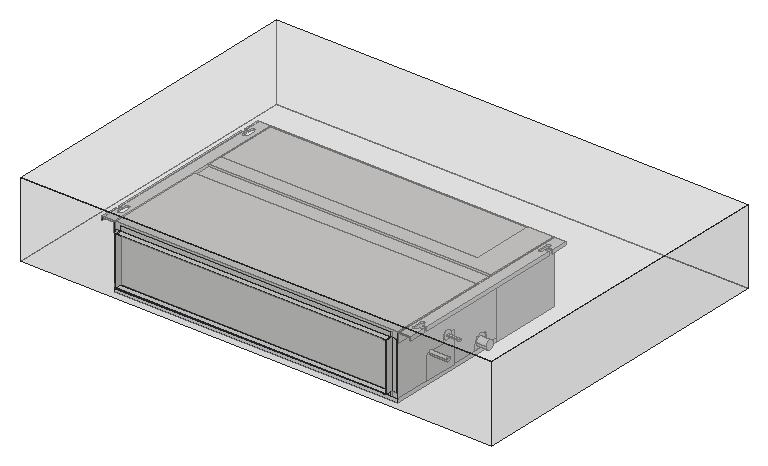
Revit family "outputfile", category 機械設備, Revit 2024
Family settings
  丸型コネクタ寸法 = 半径を使用
  パーツ タイプ = 標準
  OmniClass 番号 = 23.75.10.24.21.27.27
  OmniClass タイトル = Split System Air Conditioning Units
  作業面ベース = いいえ
  常に垂直 = はい
  ロード時にボイドで切り取り = いいえ
  注釈の向きを維持 = いいえ
  共有 = いいえ
  部屋計算ポイント = はい
Parameters (values of type "FXDQ40NDVTS")
  Description = ""
  製造元 = "Daikin"
  書き出し IFC クラス(タイプ) = "IfcUnitaryEquipmentType"
  定義済み IFC タイプ(タイプ) = "AIRCONDITIONINGUNIT"
  Cost = 0
  モデル = "FXDQ40NDVTS"
  Type Comments = ""
  Keynote = ""
  Type Image = (empty or 0)
  Assembly Code = ""
  w_pipe = 33.0 mm
  r_Liquid Pipe Size = Liquid Pipe Size / 2  # 3.2 mm
  r_Gas Pipe Size = Gas Pipe Size / 2  # 6.35 mm
  r_Drain Pipe Size = Drain Pipe Size / 2  # 10.0 mm
  lw_powersupply = 404.0 mm
  lw_ductflange2 = 820.0 mm
  lw_Width = 860.0 mm
  lh_suctionflange [instance] = if(Rear Connection_Return Air, 100.0 mm + [h***], 190.0 mm + [h***])  # 100.0 mm
  ld_suctionflange [instance] = if(Rear Connection_Return Air, 190.0 mm, 100.0 mm)  # 190.0 mm
  ld_powersupply = 60.0 mm
  angle_vertical_RA [instance] = if(Rear Connection_Return Air, 90.00°, 0.00°)  # 90.00°
  angle horizontal_RA [instance] = if(Rear Connection_Return Air, 180.00°, 270.00°)  # 180.00°
  Voltage_comment_50Hz = "220-240"
  Voltage_50Hz = 220 V
  URL = ""
  Supply Air Direction [instance] = yes
  Sound Power Level_H speed (dB) = 56
  Rear Connection_Return Air [instance] = not(Bottom Connection_Return Air)  # yes
  RA_length = 190.0 mm  # constant formula
  Phase_50Hz = 1
  Minimum External Static Pressure = 15.00 Pa
  Minimum Circuit Amps_50Hz = 1.0 A
  Maximum Fuse Amps_50Hz = 16.0 A
  Maximum External Static Pressure = 44.00 Pa
  Material_Casing = DAIKIN_GalvanizedSteel_Casing_indoorunit
  lw_liquidpipe = 46.0 mm  # constant formula
  lw_gaspipe = 57.0 mm  # constant formula
  lw_mountinghole_pitch = 940.0 mm
  lw_mountinghole = 20.0 mm  # constant formula
  lw_drainpipe = 33.0 mm  # constant formula
  lh_powersupply = 10.0 mm
  lh_liquidpipe = 110.0 mm
  lh_gaspipe = 87.0 mm
  lh_mountinghole = Height + [h***]  # 200.0 mm
  lh_drainpipe = 30.0 mm
  lh_antena = 1.0 mm  # constant formula
  ld_liquidpipe = 193.0 mm  # constant formula
  ld_gaspipe = 130.0 mm  # constant formula
  ld_mountinghole_pitch = 0.0 mm  # constant formula
  ld_drainpipe = 280.0 mm
  ld_controlbox = 626.0 mm  # constant formula
  h*** = 0.0 mm  # constant formula
  d_dischargeflange = 21.2 mm  # constant formula
  Width = 900.0 mm
  Version = "ver.1.0"
  Unit Type = "Slim Duct (Standard) Type"
  Unit Mass Weight = 27.00 kg
  Unit Designation [instance] = ""
  Uniclass2015Version = "Products v1.30"
  Uniclass2015Title = "Variable refrigerant flow units"
  Uniclass2015Code = "Pr_70_65_03_94"
  Total Heating Capacity [instance] = 0.000 kW
  Total Cooling Capacity [instance] = 0.000 kW
  Sound Pressure Level_M speed (dBA) = 0
  Sound Pressure Level_L speed (dBA) = 26
  Sound Pressure Level_H speed (dBA) = 30
  Series = "VRV Fan Coil Unit"
  Sensible Cooling Capacity [instance] = 0.000 kW
  SA Duct Size Width = 860.0 mm
  SA Duct Size Height = 153.0 mm
  Refrigerant Type = "R410A"
  RA Duct Size Width = 800.0 mm
  RA Duct Size Height = 180.0 mm
  Power Input (Heating) = 0.147 kW
  Power Input (Cooling) = 0.147 kW
  Option Accessory 3 [instance] = ""
  Option Accessory 2 [instance] = ""
  Option Accessory 1 [instance] = ""
  Nominal Heating Capacity = 5.000 kW
  Nominal Cooling Capacity = 4.500 kW
  Minimum Airflow = 510.00 m³/h
  Median Airflow = 570.00 m³/h
  Maximum Airflow = 630.00 m³/h
  Load Classification = HVAC
  Liquid Pipe Size = 6.4 mm
  Link_Nested Family [instance] = ""
  IfcVersion = "0"
  IfcExportType = "AIRCONDITIONINGUNIT"
  IfcExportAs = "IfcUnitaryEquipmentType"
  Height = 200.0 mm
  Heating Entering Wet Bulb Temperature [instance] = 0.00 °C
  Heating Entering Dry Bulb Temperature [instance] = 0.00 °C
  Heating Ambient Wet Bulb Temperature [instance] = 0.00 °C
  Heating Ambient Dry Bulb Temperature [instance] = 0.00 °C
  Heat Exchanger Type = "Cross Fin Coil"
  Gas Pipe Size = 12.7 mm
  Frequency_50Hz = 50 Hz
  Fan Type = "Sirocco Fan"
  Fan Drive = "Direct Drive"
  FCU Tag No. [instance] = ""
  Drain Pipe Size = 20.0 mm
  Design Supply Airflow [instance] = 0.00 m³/h
  Design Return Airflow [instance] = 0.00 m³/h
  Design External Static Pressure [instance] = 0.00 Pa
  Depth = 620.0 mm
  既定の高さ = 0.0 mm
  Cooling Entering Wet Bulb Temperature [instance] = 0.00 °C
  Cooling Entering Dry Bulb Temperature [instance] = 0.00 °C
  Cooling Ambient Wet Bulb Temperature [instance] = 0.00 °C
  Cooling Ambient Dry Bulb Temperature [instance] = 0.00 °C
  Clearance visibility [instance] = yes
  Clearance Top = 20.0 mm
  Clearance Right = 300.0 mm
  Clearance Rear = 400.0 mm
  Clearance Left = 300.0 mm
  Clearance Front = 0.0 mm
  Clearance Bottom = 20.0 mm
  Bottom Connection_Return Air [instance] = no
Reference planes
  plane 1 "Center (Front/Back)": y = 0
  plane 2: z = 0
  plane 3 "Center (Left/Right)": x = 0
  plane 4 "Back": y = 310
  plane 5 "Front": y = -310
  plane 6 "Left": x = -450
  plane 7 "Right": x = 450
  plane 8 "Top": z = 0
  plane 9 "Bottom": z = -200
  plane 10: x = 330
  plane 11: x = -330
  plane 12: z = -190
  plane 13: z = -6
  plane 14: z = -22
  plane 15: z = -90
  plane 16: z = -113
  plane 17: x = -304
  plane 18: x = 304
  plane 19: x = -470
  plane 20: x = 470
  plane 21: y = 250
  plane 22: y = 250
  plane 23: x = -490
  plane 24: x = 390
  plane 25: x = 496
  plane 26: x = 507
  plane 27: x = 483
  plane 28: z = 0
  plane 29: z = -170
  plane 30 "Clearance Left": x = -750
  plane 31 "Clearance Right": x = 750
  plane 32 "Clearance Rear": y = 710
  plane 33 "Clearance Front": y = -310
  plane 34 "Clearance Top": z = 20
  plane 35 "Clearance Bottom": z = -220
  plane 36: z = -21
  plane 37: z = -170
  plane 38: z = -96.5
  plane 39: x = -40
  plane 40: y = -180
  plane 41: y = -117
  plane 42: y = -30
  plane 43: y = 20
  plane 44: z = -97.5
  plane 45: y = -309
  plane 46: x = -449
  plane 47: z = -100
  plane 48: z = -30
  plane 49: y = 210
  plane 50: z = 301
  plane 51: z = -199
  plane 52: y = 120
  plane 53: z = -101
  plane 54: x = 480
  plane 55: x = 445
  plane 56: x = 455
  plane 57: x = 451
  plane 58: x = 369
  plane 59: x = 449.004
  plane 60: x = -449
  plane 61: x = 404
  plane 62: z = -189
  plane 63: z = 102.5
Forms (mm)
  Extrusion 1, solid
    sketch origin (0, 0, 0) x (1, 0, 0) y (0, 0, 1)
      loop
        line (-450, -190) -> (-450, -200) -> (450, -200) -> (450, -190) -> (-450, -190)
    from -84 to 310
  Extrusion 2, solid, material "DAIKIN_GalvanizedSteel_Casing_indoorunit" <- "Material_Casing"
    sketch origin (0, 0, 0) x (1, 0, 0) y (0, 1, 0)
      loop
        line (-450, -309) -> (450, -309) -> (450, 310) -> (-450, 310) -> (-450, -309)
    from -200 to 0
  Extrusion 3, void
    sketch origin (0, 0, 1) x (1, 0, 0) y (0, 1, 0)
      loop
        line (-450, 62.179) -> (-450, 4.179) -> (450, 4.179) -> (450, 62.179) -> (-450, 62.179)
    from -1 to -7
  Extrusion 4, void
    sketch origin (0, 0, 0) x (0, 1, 0) y (0, 0, 1)
      loop
        line (-5, -190) -> (45, -190) -> (45, -170)
        arc (45, -170) -> (20, -145) -> (-5, -170) r 25
        line (-5, -170) -> (-5, -190)
    from 450 to 445
  Revolve 5, solid, material "DAIKIN_GalvanizedSteel_Casing_indoorunit" <- "Material_Casing"
    sketch origin (0, 0, -113) x (0, -1, 0) y (1, 0, 0)
      loop
        line (173.65, 451) -> (180, 451) -> (180, 507) -> (173.65, 507) -> (173.65, 451)
      axis (180, 451) -> (180, 507)
    angle from 0 to 360
  Revolve 6, solid, material "DAIKIN_GalvanizedSteel_Casing_indoorunit" <- "Material_Casing"
    sketch origin (0, 0, -90) x (0, -1, 0) y (1, 0, 0)
      loop
        line (117, 451) -> (117, 496) -> (113.8, 496) -> (113.8, 451) -> (117, 451)
      axis (117, 496) -> (117, 451)
    angle from 0 to 360
  Extrusion 7, solid, material "DAIKIN_GalvanizedSteel_Casing_indoorunit" <- "Material_Casing"
    sketch origin (0, 0, 0) x (0, 1, 0) y (0, 0, 1)
      loop
        circle (-116, -90) r 12.7
    from 450 to 455
  Extrusion 8, solid, material "DAIKIN_GalvanizedSteel_Casing_indoorunit" <- "Material_Casing"
    sketch origin (0, 0, 0) x (0, 1, 0) y (0, 0, 1)
      loop
        circle (20, -170) r 13
    from 480 to 445
  Extrusion 9, solid, material "DAIKIN_GalvanizedSteel_Casing_indoorunit" <- "Material_Casing"
    sketch origin (0, 0, 0) x (1, 0, 0) y (0, 0, 1)
      loop
        line (-450, -190) -> (-450, -200) -> (450, -200) -> (450, -190) -> (-450, -190)
    from -84 to 310
  Extrusion 10, solid, material "DAIKIN_GalvanizedSteel_Casing_indoorunit" <- "Material_Casing", visible <- "Bottom Connection_Return Air"
    sketch origin (0, 0, 0) x (1, 0, 0) y (0, 0, 1)
      loop
        line (369, -200) -> (369, -1) -> (-449, -1) -> (-449, -200) -> (369, -200)
    from -310 to -309
  Extrusion 11, void
    sketch origin (0, 0, 0) x (1, 0, 0) y (0, 0, 1)
      loop
        line (369, 0) -> (-449, 0) -> (-449, -1) -> (369, -1) -> (369, 0)
    from -310 to -111
  Extrusion 12, solid, material "DAIKIN_GalvanizedSteel_Casing_indoorunit" <- "Material_Casing", visible <- "Rear Connection_Return Air"
    sketch origin (0, 0, 0) x (1, 0, 0) y (0, 1, 0)
      loop
        line (-449, 310) -> (-449, 111) -> (369, 111) -> (369, 310) -> (-449, 310)
    from -200 to -199
  Extrusion 13, solid, material "DAIKIN_GalvanizedSteel_Casing_indoorunit" <- "Material_Casing"
    sketch origin (0, 0, 0) x (0, 1, 0) y (0, 0, 1)
      loop
        line (-194, -113) -> (-194, -190) -> (-88.3, -190) -> (-88.3, -90) -> (-103.3, -90)
        arc (-103.3, -90) -> (-116, -102.7) -> (-128.7, -90) r 12.7
        line (-128.7, -90) -> (-128.7, -113) -> (-173.65, -113)
        arc (-173.65, -113) -> (-180, -119.35) -> (-186.35, -113) r 6.35
        line (-186.35, -113) -> (-194, -113)
    from 451 to 450
  Extrusion 14, solid, material "DAIKIN_GalvanizedSteel_Casing_indoorunit" <- "Material_Casing"
    sketch origin (0, 0, 0) x (0, 1, 0) y (0, 0, 1)
      loop
        line (84, -199) -> (310, -199) -> (310, -22) -> (91, -22) -> (84, -29) -> (84, -199)
    from 451 to 450
Cuts and joins
  Extrusion 3, Extrusion 4, Extrusion 11 cuts Extrusion 2
  Extrusion 4 cuts Extrusion 1
  Extrusion 11 cuts Extrusion 9
Dimensions and locks
  "lh_powersupply": plane 12 to plane 9 "Bottom"
  locked: plane 8 "Top" to plane 13 at 6
  "Height": plane 8 "Top" to plane 9 "Bottom"
  equal spacing: plane 17, plane 3 "Center (Left/Right)", plane 18, locked at 304 each
  locked: plane 17 to plane 18 at 608
  equal spacing: plane 19, plane 3 "Center (Left/Right)", plane 20
  "lw_mountinghole_pitch": plane 19 to plane 20
  locked: plane 14 to plane 9 "Bottom" at 178
  "lw_mountinghole": plane 23 to plane 19
  "lh_liquidpipe": plane 15 to plane 9 "Bottom"
  "lh_gaspipe": plane 16 to plane 9 "Bottom"
  "lh_mountinghole": plane 28 to plane 9 "Bottom"
  "ld_mountinghole_pitch": plane 22 to plane 21
  equal spacing: plane 6 "Left", plane 3 "Center (Left/Right)", plane 7 "Right"
  "Width": plane 6 "Left" to plane 7 "Right"
  "lh_drainpipe": plane 29 to plane 9 "Bottom"
  "Clearance Right": plane 7 "Right" to plane 31 "Clearance Right"
  "Clearance Left": plane 30 "Clearance Left" to plane 6 "Left"
  "lw_gaspipe": plane 7 "Right" to plane 26
  "lw_liquidpipe": plane 7 "Right" to plane 25
  "lw_drainpipe": plane 7 "Right" to plane 27
  "Clearance Rear": plane 32 "Clearance Rear" to plane 4 "Back"
  "Clearance Front": plane 5 "Front" to plane 33 "Clearance Front"
  "Clearance Top": plane 34 "Clearance Top" to plane 8 "Top"
  "Clearance Bottom": plane 9 "Bottom" to plane 35 "Clearance Bottom"
  "ld_powersupply": plane 4 "Back" to plane 22
  locked: plane 8 "Top" to plane 36 at 21
  locked: plane 8 "Top" to plane 37 at 170
  locked: plane 40 to plane 41 at 63
  locked: plane 38 to plane 9 "Bottom" at 103.5
  locked: plane 36 to plane 44 at 76.5
  "Depth": plane 4 "Back" to plane 5 "Front"
  equal spacing: plane 4 "Back", plane 1 "Center (Front/Back)", plane 5 "Front"
  locked: plane 45 to plane 5 "Front" at 1
  locked: plane 46 to plane 6 "Left" at 1
  Extrusion 10 sketch curve to Extrusion 10 sketch curve = 199.0 mm
  locked: plane 12 to plane 47 at 90
  plane 32 "Clearance Rear" to Extrusion 10 = 401.0 mm
  locked: plane 48 to plane 35 "Clearance Bottom" at 190
  plane 50 to plane 28 = 301.0 mm
  locked: plane 51 to plane 9 "Bottom" at 1
  "ld_suctionflange": plane 4 "Back" to plane 52
  locked: plane 53 to plane 9 "Bottom" at 99
  locked: plane 7 "Right" to plane 54 at 30
  locked: plane 55 to plane 7 "Right" at 5
  locked: plane 7 "Right" to plane 56 at 5
  locked: plane 7 "Right" to plane 57 at 1
  plane 7 "Right" to plane 58 = 81.0 mm
  locked: plane 7 "Right" to plane 59 at 0.996
  locked: plane 60 to plane 6 "Left" at 1
  "lw_powersupply": plane 3 "Center (Left/Right)" to plane 61
  "r_Gas Pipe Size": nested 6 to Revolve 5 sketch curve
  "r_Liquid Pipe Size": nested 5 to Revolve 6 sketch curve
  locked: plane 62 to plane 9 "Bottom" at 11
  aligned and locked: level to plane 2
  aligned and locked: Extrusion 2 to plane 9 "Bottom"
  aligned and locked: plane 8 "Top" to Extrusion 2
  aligned and locked: Revolve 5 sketch curve to Revolve 5 sketch curve
  aligned and locked: plane 15 to Extrusion 7 sketch curve
  aligned and locked: cut or joined group of Extrusion 1, Extrusion 4 to plane 9 "Bottom"
  aligned and locked: plane 25 to nested 5
  aligned and locked: nested 5 to plane 15
  aligned and locked: nested 1 to plane 22
  aligned and locked: plane 20 to nested 2
  aligned and locked: plane 19 to nested 3
  aligned and locked: plane 22 to nested 4
  aligned and locked: nested 4 to plane 22
  aligned and locked: plane 19 to nested 4
  aligned and locked: nested 10 to plane 12
  aligned and locked: Extrusion 9 to plane 5 "Front"
  aligned and locked: Extrusion 9 to plane 9 "Bottom"
  aligned and locked: nested 6 to plane 16
  aligned and locked: plane 40 to nested 6
  aligned and locked: plane 41 to nested 5
  aligned and locked: Extrusion 8 sketch curve to plane 43
  aligned and locked: plane 4 "Back" to Extrusion 11
  aligned and locked: plane 8 "Top" to Extrusion 3
  aligned and locked: Extrusion 10 to cut or joined group of Extrusion 2, Extrusion 3, Extrusion 4, Extrusion 11
  aligned and locked: plane 9 "Bottom" to Extrusion 12  (x2)
  aligned and locked: Extrusion 12 to plane 51
  aligned and locked: Extrusion 11 to level
  aligned and locked: plane 32 "Clearance Rear" to nested 13
  aligned and locked: plane 31 "Clearance Right" to nested 13
  aligned and locked: plane 30 "Clearance Left" to nested 13
  aligned and locked: nested 13 to plane 33 "Clearance Front"
  aligned and locked: nested 13 to plane 34 "Clearance Top"
  aligned and locked: nested 13 to plane 35 "Clearance Bottom"
  aligned and locked: plane 7 "Right" to Extrusion 13  (x2)
  aligned and locked: plane 4 "Back" to Extrusion 14
  aligned and locked: Extrusion 14 to plane 51
  aligned and locked: plane 7 "Right" to Extrusion 14  (x2)
  aligned and locked: Extrusion 13 to Revolve 5 sketch curve
  aligned and locked: Extrusion 3 to plane 13
  aligned and locked: plane 52 to nested 14
  aligned and locked: Extrusion 7 to plane 7 "Right"
  aligned and locked: plane 7 "Right" to cut or joined group of Extrusion 2, Extrusion 3, Extrusion 4, Extrusion 11  (x3)
  aligned and locked: cut or joined group of Extrusion 2, Extrusion 3, Extrusion 4, Extrusion 11 to plane 55
  aligned and locked: Extrusion 8 to plane 55
  aligned and locked: plane 54 to Extrusion 8
  aligned and locked: plane 56 to Extrusion 7
  aligned and locked: plane 57 to Extrusion 14
  aligned and locked: Extrusion 13 to plane 57
  aligned and locked: plane 26 to nested 6
  aligned and locked: plane 58 to Extrusion 11 sketch curve
  aligned and locked: Extrusion 10 sketch curve to plane 58
  aligned and locked: plane 3 "Center (Left/Right)" to nested 15
  aligned and locked: Extrusion 12 to plane 58
  aligned and locked: plane 6 "Left" to nested 11
  aligned and locked: plane 8 "Top" to nested 15
  aligned and locked: plane 4 "Back" to nested 15
  aligned and locked: cut or joined group of Extrusion 2, Extrusion 3, Extrusion 4, Extrusion 11 to plane 45
  aligned and locked: nested 10 to plane 61
  aligned and locked: plane 20 to nested 1
  aligned and locked: plane 43 to nested 7
  aligned and locked: nested 7 to plane 37
  aligned and locked: plane 54 to nested 7
  aligned and locked: nested 9 to plane 1 "Center (Front/Back)"
  aligned and locked: plane 3 "Center (Left/Right)" to nested 9
  aligned and locked: nested 16 to plane 62
  aligned and locked: plane 13 to nested 16
  aligned and locked: nested 11 to plane 51
  aligned and locked: nested 12 to plane 51
  aligned and locked: plane 44 to nested 8
  aligned and locked: plane 45 to nested 16
  aligned and locked: level to plane 8 "Top"
Automatic sketch dimensions
  Extrusion 1 sketch curve to plane 6 "Left" = 0.0 mm
  Extrusion 1 sketch curve to plane 7 "Right" = 0.0 mm
  Extrusion 1 sketch curve to plane 9 "Bottom" = 0.0 mm
  Extrusion 1 sketch curve to plane 12 = 0.0 mm
  Extrusion 2 sketch curve to plane 4 "Back" = 0.0 mm
  Extrusion 2 sketch curve to plane 6 "Left" = 0.0 mm
  Extrusion 2 sketch curve to plane 7 "Right" = 0.0 mm
  Extrusion 2 sketch curve to plane 45 = 0.0 mm
  Extrusion 3 sketch curve to plane 6 "Left" = 0.0 mm
  Extrusion 3 sketch curve to plane 7 "Right" = 0.0 mm
  Extrusion 3 sketch curve to plane 1 "Center (Front/Back)" = 4.179 mm
  plane 43 to Extrusion 3 sketch curve = 42.179 mm
  Extrusion 4 sketch curve to plane 37 = 0.0 mm
  Extrusion 4 sketch curve to plane 12 = 0.0 mm
  Extrusion 4 sketch curve to plane 43 = 0.0 mm
  plane 1 "Center (Front/Back)" to Extrusion 4 sketch curve = 5.0 mm
  plane 41 to Extrusion 7 sketch curve = 1.0 mm
  Extrusion 8 sketch curve to plane 37 = 0.0 mm
  Extrusion 9 sketch curve to plane 6 "Left" = 0.0 mm
  Extrusion 9 sketch curve to plane 7 "Right" = 0.0 mm
  Extrusion 9 sketch curve to plane 9 "Bottom" = 0.0 mm
  Extrusion 9 sketch curve to plane 12 = 0.0 mm
  plane 46 to Extrusion 10 sketch curve = 0.0 mm
  plane 46 to Extrusion 11 sketch curve = 0.0 mm
  Extrusion 11 sketch curve to plane 8 "Top" = 1.0 mm
  Extrusion 12 sketch curve to plane 46 = 0.0 mm
  Extrusion 12 sketch curve to plane 4 "Back" = 0.0 mm
  plane 18 to Extrusion 12 sketch curve = 65.0 mm
  plane 43 to Extrusion 12 sketch curve = 91.0 mm
  plane 35 "Clearance Bottom" to Extrusion 11 sketch curve = 220.0 mm
  Extrusion 10 sketch curve to plane 51 = 1.0 mm
  Extrusion 13 sketch curve to plane 12 = 0.0 mm
  Extrusion 13 sketch curve to plane 16 = 0.0 mm
  Extrusion 13 sketch curve to plane 40 = 0.0 mm
  Extrusion 13 sketch curve to plane 15 = 0.0 mm
  Extrusion 13 sketch curve to Extrusion 13 sketch curve = 6.35 mm
  Extrusion 13 sketch curve to Extrusion 13 sketch curve = 7.65 mm
  Extrusion 13 sketch curve to plane 41 = 11.7 mm
  plane 41 to Extrusion 13 sketch curve = 1.0 mm
  Extrusion 13 sketch curve to Extrusion 13 sketch curve = 27.7 mm
  Extrusion 14 sketch curve to plane 51 = 0.0 mm
  Extrusion 14 sketch curve to plane 14 = 0.0 mm
  plane 48 to Extrusion 14 sketch curve = 1.0 mm
  plane 43 to Extrusion 14 sketch curve = 64.0 mm
  Extrusion 14 sketch curve to Extrusion 14 sketch curve = 7.0 mm
  Extrusion 14 sketch curve to plane 4 "Back" = 0.0 mm
  Revolve 5 sketch curve to plane 26 = 0.0 mm
  Revolve 5 sketch curve to plane 40 = 0.0 mm
  Revolve 5 sketch curve to Revolve 5 sketch curve = 1.003 mm
  plane 26 to Revolve 5 sketch curve = 1.003 mm
  Revolve 6 sketch curve to plane 41 = 0.0 mm  (x2)
  Revolve 6 sketch curve to plane 25 = 0.0 mm  (x2)
  Revolve 6 sketch curve to plane 57 = 0.0 mm  (x2)
  radius of Extrusion 7 sketch curve = 12.7 mm
  radius of Extrusion 8 sketch curve = 13.0 mm
Nested families
  nested 1: "daikin_mountinghole" at (470, 250, -200), l_antenna <- "lh_antena", Link_Nested Family <- "Link_Nested Family", h_mountinghole <- "lh_mountinghole", type "daikin_mountinghole"
    with show yes, l_antenna 1.0 mm, h_mountinghole 200.0 mm, Link_Nested Family ""
  nested 2: "daikin_mountinghole" at (470, -250, -200), Link_Nested Family <- "Link_Nested Family", l_antenna <- "lh_antena", h_mountinghole <- "lh_mountinghole", type "daikin_mountinghole"
    with show yes, l_antenna 1.0 mm, h_mountinghole 200.0 mm, Link_Nested Family ""
  nested 3: "daikin_mountinghole" at (-470, -250, -200), l_antenna <- "lh_antena", Link_Nested Family <- "Link_Nested Family", h_mountinghole <- "lh_mountinghole", type "daikin_mountinghole"
    with show yes, l_antenna 1.0 mm, h_mountinghole 200.0 mm, Link_Nested Family ""
  nested 4: "daikin_mountinghole" at (-470, 250, -200), l_antenna <- "lh_antena", Link_Nested Family <- "Link_Nested Family", h_mountinghole <- "lh_mountinghole", type "daikin_mountinghole"
    with show yes, l_antenna 1.0 mm, h_mountinghole 200.0 mm, Link_Nested Family ""
  nested 5: "daikin_connector_rotate2" at (450, -117, -90) x (0, 1, 0) z (0, 0, 1), length <- "lw_liquidpipe", built-in parameter 1001364 <- "lh_liquidpipe", radius <- "r_Liquid Pipe Size", type "daikin_connector_rotate2"
    with radius 3.2 mm, length 46.0 mm, angle_vertical 90.00°, show_face no
  nested 6: "daikin_connector_rotate2" at (450, -180, -113) x (0, 1, 0) z (0, 0, 1), length <- "lw_gaspipe", built-in parameter 1001364 <- "lh_gaspipe", radius <- "r_Gas Pipe Size", type "daikin_connector_rotate2"
    with radius 6.35 mm, length 57.0 mm, angle_vertical 90.00°, show_face no
  nested 7: "daikin_connector_rotate2" at (447, 20, -170) x (0, 1, 0) z (0, 0, 1), built-in parameter 1001364 <- "lh_drainpipe", length <- "lw_drainpipe", radius <- "r_Drain Pipe Size", type "daikin_connector_rotate2"
    with radius 10.0 mm, length 33.0 mm, angle_vertical 90.00°, show_face no
  nested 8: "daikin_connector_rotate2" at (0, -309, -97.5), length <- "d_dischargeflange", type "daikin_connector_rotate2"
    with radius 10.0 mm, length 21.2 mm, angle_vertical 90.00°, show_face no
  nested 9: "daikin_△_symbolicline" at (-75, -129.904, 200) x (-0.5, 0.866, 0) z (0, 0, 1), built-in parameter 1001364 <- "Height", visible <- "Supply Air Direction", type "daikin_△_symbolicline"
    with length 300.0 mm
  nested 10: "daikin_connector_rotate2" at (404, 250, -190) x (-1, 0, 0) z (0, 0, 1), built-in parameter 1001364 <- "lw_powersupply", length <- "ld_powersupply", type "daikin_connector_rotate2"
    with radius 10.0 mm, length 60.0 mm, angle_vertical 90.00°, show_face no
  nested 11: "daikin_ductflange_FXDQ-NDVTS2" at (-40, 310, -100), visible <- "Rear Connection_Return Air", material <- "Material_Casing", width <- "lw_ductflange2", type "daikin_ductflange_FXDQ-NDVTS2"
    with width 820.0 mm, material DAIKIN_GalvanizedSteel_Casing_indoorunit, height 180.0 mm, depth 21.2 mm
  nested 12: "daikin_ductflange_FXDQ-NDVTS2" at (-40, 210, -200) x (1, 0, 0) z (0, 1, 0), visible <- "Bottom Connection_Return Air", material <- "Material_Casing", width <- "lw_ductflange2", type "daikin_ductflange_FXDQ-NDVTS2"
    with width 820.0 mm, material DAIKIN_GalvanizedSteel_Casing_indoorunit, height 180.0 mm, depth 21.2 mm
  nested 13: "daikin_clearancespace" at (0, 200, -99.881), visible <- "Clearance visibility", show <- "Clearance visibility", Link_Nested Family <- "Link_Nested Family", type "daikin_clearancespace"
    with width 1500.0 mm, show yes, height 240.0 mm, depth 1020.0 mm, Link_Nested Family ""
  nested 14: "daikin_connector_rotate3" at (-40, 120, -100), built-in parameter 1001364 <- "lh_suctionflange", angle_vertical <- "angle_vertical_RA", angle_horizontal <- "angle horizontal_RA", length <- "RA_length", type "daikin_connector_rotate3"
    with show no, radius 10.0 mm, length 190.0 mm, angle_vertical 90.00°, angle_horizontal 180.00°
  nested 15: "daikin_hangerfixture_FXDQ-NDVTS" at (0, 0.5, 0), type "daikin_hangerfixture_FXDQ-NDVTST"
  nested 16: "daikin_ductflange_FXDQ-NDVTS" at (0, 4.5, -364.201), width <- "lw_Width", material <- "Material_Casing", type "daikin_ductflange_FXDQ-NDVTS"
    with width 860.0 mm, material DAIKIN_GalvanizedSteel_Casing_indoorunit, height 155.0 mm, depth 21.2 mm
Connectors
  piping at (507, -180, -113), diameter 12.7, driven by "r_Gas Pipe Size"
    settings: on nested 6, index 1, connector inside diameter 609.6 mm, connector length 0.0 mm, flow factor 0, pipe flow 0.00 m³/h, pressure drop 0.0 Pa, fitting loss kfactor 0, connector angle 0.00°, fixture units 0, engagement length 0.0 mm, angle of deflection 0.00°, flow configuration 1, flow direction 2, fitting loss method 0, system type 29, joint type 0, gender type 0, connector reference index -1, connector utility 0, adjustable connector no, is connector primary yes, connector description "Refrigerant Gas Piping"
  piping at (496, -117, -90), diameter 6.4, driven by "r_Liquid Pipe Size"
    settings: on nested 5, index 2, connector inside diameter 609.6 mm, connector length 0.0 mm, flow factor 0, pipe flow 0.00 m³/h, pressure drop 0.0 Pa, fitting loss kfactor 0, connector angle 0.00°, fixture units 0, engagement length 0.0 mm, angle of deflection 0.00°, flow configuration 1, flow direction 1, fitting loss method 0, system type 29, joint type 0, gender type 0, connector reference index -1, connector utility 0, adjustable connector no, is connector primary no, connector description "Refrigerant Liquid Piping"
  piping at (480, 20, -170), diameter 20, driven by "r_Drain Pipe Size"
    settings: on nested 7, index 3, connector inside diameter 609.6 mm, connector length 0.0 mm, flow factor 0, pipe flow 0.00 m³/h, pressure drop 0.0 Pa, fitting loss kfactor 0, connector angle 0.00°, fixture units 0, engagement length 0.0 mm, angle of deflection 0.00°, flow configuration 1, flow direction 2, fitting loss method 4, system type 16, joint type 0, gender type 0, connector reference index -1, connector utility 0, adjustable connector no, is connector primary no, connector description "Condensate Drain Piping"
  hvac at (0, -330.2, -97.5), driven by "SA Duct Size Height", driven by "SA Duct Size Width"
    settings: on nested 8, index 7, duct flow 0.00 m³/h, flow factor 0, pres drop 0.00 Pa, loss coef 0, conn angle 0.00°, conn width 860.0 mm, conn height 153.0 mm, conn diameter 609.6 mm, duct sys type 1, conn prof type 1, flow config 0, flow direction 2, loss method 4, conn ref index -1, conn util no, is conn primary yes, conn desc "SA Duct"
  electrical at (404, 310, -190), driven by "Load Classification"
    settings: on nested 10, index 9, voltage 0 V, apparent load 0 VA, apparent load phase1 0 VA, apparent load phase2 0 VA, apparent load phase3 0 VA, power factor 1, load classification "HVAC", number of poles 1, system type 30, power factor state 1, is connector primary yes, connector utility no, sub classification motor no, connector description "Power Supply"
  hvac at (-40, 310, -100), driven by "RA Duct Size Height", driven by "RA Duct Size Width"
    settings: on nested 14, index 10, duct flow 0.00 m³/h, flow factor 0, pres drop 0.00 Pa, loss coef 0, conn angle 0.00°, conn width 800.0 mm, conn height 180.0 mm, conn diameter 609.6 mm, duct sys type 2, conn prof type 1, flow config 0, flow direction 1, loss method 4, conn ref index -1, conn util no, is conn primary no, conn desc "RA Duct"
Definition of nested family "daikin_ductflange_FXDQ-NDVTS2"
  Parameters (values of type "daikin_ductflange_FXDQ-PDVE2")
    width [instance] = 620.0 mm
    material [instance] = none
    height [instance] = 180.0 mm
    depth [instance] = 21.2 mm
    Default Elevation = 0.0 mm
  Reference planes
    plane 1 "Center (Front/Back)": y = 0
    plane 2: z = 0
    plane 3 "Center (Left/Right)": x = 0
    plane 4: y = -313.5
    plane 5: y = -334.7
    plane 6: x = -310
    plane 7: x = 310
    plane 8: z = 90
    plane 9: z = -90
    plane 10: z = 100
    plane 11: z = -100
    plane 12: x = -309
    plane 13: x = 309
  Forms (mm)
    Extrusion 1, solid, material <- "material"
      sketch origin (0, 0, 0) x (1, 0, 0) y (0, 0, 1)
        loop
          line (-300, 90) -> (-300, -90) -> (300, -90) -> (300, 90) -> (-300, 90)
        loop
          line (-309, -99) -> (309, -99) -> (309, 99) -> (-309, 99) -> (-309, -99)
      from 0 to 1
  Dimensions and locks
    plane 4 to plane 1 "Center (Front/Back)" = 313.5 mm
    "depth": plane 5 to plane 4
    equal spacing: plane 7, plane 3 "Center (Left/Right)", plane 6, locked at 310 each
    "width": plane 7 to plane 6
    equal spacing: plane 8, level, plane 9, locked at 90 each
    "height": plane 8 to plane 9
    equal spacing: plane 10, level, plane 11, locked at 100 each
    locked: plane 10 to plane 11 at 200
    plane 12 to plane 6 = 1.0 mm
    locked: plane 7 to plane 13 at 1
    locked: Extrusion 1 sketch curve to Extrusion 1 sketch curve at 9  (x4)
    locked: plane 10 to Extrusion 1 sketch curve at 1
    locked: Extrusion 1 sketch curve to plane 11 at 1
    aligned and locked: level to plane 2
  Automatic sketch dimensions
    plane 6 to Extrusion 1 sketch curve = 1.0 mm
    Extrusion 1 sketch curve to plane 7 = 1.0 mm
Definition of nested family "daikin_clearancespace"
  Parameters (values of type "daikin_clearancespace")
    width [instance] = 1823.963 mm
    show [instance] = yes
    material = none
    height [instance] = 1359.762 mm
    depth [instance] = 880.0 mm
    Default Elevation = 0.0 mm
    Link_Nested Family [instance] = ""
  Reference planes
    plane 1 "Center (Front/Back)": y = 0
    plane 2 "Center (Elevation)": z = -0.119
    plane 3 "Center (Left/Right)": x = 0
    plane 4: y = 440
    plane 5: y = -440
    plane 6 "Right": x = 911.982
    plane 7 "Left": x = -911.982
    plane 8 "Top": z = 679.762
    plane 9 "Bottom": z = -680
  Forms (mm)
    Extrusion 1, solid, material <- "material", visible <- "show"
      sketch origin (0, 0, 0) x (1, 0, 0) y (0, 1, 0)
        loop
          line (-911.982, 440) -> (-911.982, -440) -> (911.982, -440) -> (911.982, 440) -> (-911.982, 440)
      from -680 to 679.762
  Lines and regions (mm)
    symbolic lines, visible <- "show"
      curve 1: line (911.982, 440, 0) -> (-911.982, 440, 0)
      curve 2: line (-911.982, 440, 0) -> (-911.982, -440, 0)
      curve 3: line (-911.982, -440, 0) -> (911.982, -440, 0)
      curve 4: line (911.982, -440, 0) -> (911.982, 440, 0)
      curve 5: line (911.982, 0, 679.762) -> (-911.982, 0, 679.762)
      curve 6: line (911.982, 0, -680) -> (911.982, 0, 679.762)
      curve 7: line (-911.982, 0, -680) -> (911.982, 0, -680)
      curve 8: line (-911.982, 0, 679.762) -> (-911.982, 0, -680)
      curve 9: line (0, 440, 679.762) -> (0, -440, 679.762)
      curve 10: line (0, -440, 679.762) -> (0, -440, -680)
      curve 11: line (0, 440, -680) -> (0, 440, 679.762)
      curve 12: line (0, -440, -680) -> (0, 440, -680)
  Dimensions and locks
    "width": plane 7 "Left" to plane 6 "Right"
    "depth": plane 4 to plane 5
    "height": plane 8 "Top" to plane 9 "Bottom"
    equal spacing: plane 7 "Left", plane 3 "Center (Left/Right)", plane 6 "Right"
    equal spacing: plane 4, plane 1 "Center (Front/Back)", plane 5
    equal spacing: plane 8 "Top", plane 2 "Center (Elevation)", plane 9 "Bottom"
    aligned and locked: level to plane 2 "Center (Elevation)"
    aligned and locked: Extrusion 1 sketch curve to plane 4
    aligned and locked: plane 7 "Left" to Extrusion 1 sketch curve
    aligned and locked: Extrusion 1 sketch curve to plane 5
    aligned and locked: Extrusion 1 sketch curve to plane 6 "Right"
    aligned and locked: plane 8 "Top" to Extrusion 1
    aligned and locked: curve 1 to Extrusion 1
    aligned and locked: curve 2 to Extrusion 1
    aligned and locked: curve 3 to Extrusion 1
    aligned and locked: curve 4 to Extrusion 1
    aligned and locked: curve 5 to Extrusion 1
    aligned and locked: curve 6 to Extrusion 1
    aligned and locked: curve 7 to Extrusion 1
    aligned and locked: curve 8 to Extrusion 1
    aligned and locked: curve 9 to Extrusion 1
    aligned and locked: curve 10 to Extrusion 1
    aligned and locked: curve 11 to Extrusion 1
    aligned and locked: curve 12 to Extrusion 1
    aligned and locked: Extrusion 1 to plane 9 "Bottom"
Definition of nested family "daikin_hangerfixture_FXDQ-NDVTS"
  Parameters (values of type "daikin_hangerfixture_FXDQ-PDVE")
    width = 900.0 mm
    material = none
    height = 30.0 mm
    depth = 619.0 mm
    Default Elevation = 0.0 mm
  Reference planes
    plane 1 "Center (Front/Back)": y = 0
    plane 2: z = 0
    plane 3 "Center (Left/Right)": x = 0
    plane 4: x = 450
    plane 5: y = 309.5
    plane 6: y = -309.5
    plane 7: x = -450
    plane 8: z = -30
  Forms (mm)
    Extrusion 1, solid, material <- "material"
      sketch origin (0, 0, 0) x (1, 0, 0) y (0, 0, 1)
        loop
          line (450, 0) -> (450, -30) -> (452.3, -30) -> (452.3, -2.3) -> (487.7, -2.3) -> (487.7, -10) -> (490, -10) -> (490, 0) -> (450, 0)
      from -309.5 to 309.5
    Extrusion 2, void
      sketch origin (0, 0, 0) x (0, 1, 0) y (0, 0, 1)
        loop
          line (309.5, -30) -> (309.5, -17.979) -> (87.935, -17.979) -> (75.914, -30) -> (309.5, -30)
      from 0 to 550
    Extrusion 3, void
      sketch origin (0, 0, 0) x (1, 0, 0) y (0, 1, 0)
        loop
          line (490, -244) -> (477, -244) -> (477, -237.5)
          arc (477, -237.5) -> (470, -230.5) -> (463, -237.5) r 7
          line (463, -237.5) -> (463, -263.5)
          arc (463, -263.5) -> (470, -270.5) -> (477, -263.5) r 7
          line (477, -263.5) -> (477, -257) -> (490, -257) -> (490, -244)
        loop
          line (490, 243) -> (490, 256) -> (477, 256) -> (477, 262.5)
          arc (477, 262.5) -> (470, 269.5) -> (463, 262.5) r 7
          line (463, 262.5) -> (463, 236.5)
          arc (463, 236.5) -> (470, 229.5) -> (477, 236.5) r 7
          line (477, 236.5) -> (477, 243) -> (490, 243)
      from -254.96 to 618
    Extrusion 4, solid, material <- "material"
      sketch origin (0, 0, 0) x (-1, 0, 0) y (0, 0, -1)
        loop
          line (450, 0) -> (490, 0) -> (490, 10) -> (487.7, 10) -> (487.7, 2.3) -> (452.3, 2.3) -> (452.3, 30) -> (450, 30) -> (450, 0)
      from -309.5 to 309.5
    Extrusion 5, void
      sketch origin (0, 0, 0) x (-1, 0, 0) y (0, -1, 0)
        loop
          line (490, 244) -> (490, 257) -> (477, 257) -> (477, 263.5)
          arc (477, 263.5) -> (470, 270.5) -> (463, 263.5) r 7
          line (463, 263.5) -> (463, 237.5)
          arc (463, 237.5) -> (470, 230.5) -> (477, 237.5) r 7
          line (477, 237.5) -> (477, 244) -> (490, 244)
        loop
          line (490, -243) -> (477, -243) -> (477, -236.5)
          arc (477, -236.5) -> (470, -229.5) -> (463, -236.5) r 7
          line (463, -236.5) -> (463, -262.5)
          arc (463, -262.5) -> (470, -269.5) -> (477, -262.5) r 7
          line (477, -262.5) -> (477, -256) -> (490, -256) -> (490, -243)
      from -254.96 to 618
  Cuts and joins
    Extrusion 2, Extrusion 3, Extrusion 5 cuts Extrusion 1
    Extrusion 5 cuts Extrusion 4
  Dimensions and locks
    equal spacing: plane 5, plane 1 "Center (Front/Back)", plane 6
    "depth": plane 5 to plane 6
    plane 6 to plane 1 "Center (Front/Back)" to plane 5 = 309.5 mm, 309.5 mm
    equal spacing: plane 4, plane 3 "Center (Left/Right)", plane 7
    "width": plane 4 to plane 7
    "height": level to plane 8
    locked: plane 4 to Extrusion 2 at 100
    aligned and locked: level to plane 2
    aligned and locked: plane 5 to Extrusion 1
    aligned and locked: Extrusion 1 to plane 6
    aligned and locked: Extrusion 1 to plane 4
    aligned and locked: plane 5 to cut or joined group of Extrusion 1, Extrusion 2, Extrusion 3, Extrusion 5
    aligned and locked: cut or joined group of Extrusion 1, Extrusion 2, Extrusion 3, Extrusion 5 to plane 6
    aligned and locked: level to cut or joined group of Extrusion 1, Extrusion 2, Extrusion 3, Extrusion 5
    aligned and locked: cut or joined group of Extrusion 1, Extrusion 2, Extrusion 3, Extrusion 5 to plane 8
    aligned and locked: plane 5 to cut or joined group of Extrusion 4, Extrusion 5
    aligned and locked: cut or joined group of Extrusion 4, Extrusion 5 to plane 6
  Automatic sketch dimensions
    Extrusion 1 sketch curve to plane 4 = 0.0 mm
    Extrusion 1 sketch curve to plane 8 = 0.0 mm
    Extrusion 1 sketch curve to level = 0.0 mm
    plane 4 to Extrusion 1 sketch curve = 2.3 mm
    Extrusion 1 sketch curve to level = 2.3 mm
    Extrusion 1 sketch curve to Extrusion 1 sketch curve = 35.4 mm
    Extrusion 1 sketch curve to Extrusion 1 sketch curve = 2.3 mm
    Extrusion 1 sketch curve to Extrusion 1 sketch curve = 7.7 mm
    Extrusion 2 sketch curve to plane 8 = 0.0 mm
    Extrusion 2 sketch curve to plane 5 = 0.0 mm
    plane 8 to Extrusion 2 sketch curve = 12.021 mm
    Extrusion 2 sketch curve to plane 1 "Center (Front/Back)" = 87.935 mm
    Extrusion 2 sketch curve to Extrusion 2 sketch curve = 12.021 mm
    plane 4 to Extrusion 3 sketch curve = 13.0 mm  (x2)
    Extrusion 3 sketch curve to Extrusion 3 sketch curve = 7.0 mm  (x4)
    Extrusion 3 sketch curve to Extrusion 3 sketch curve = 13.0 mm  (x4)
    plane 6 to Extrusion 3 sketch curve = 46.0 mm
    Extrusion 3 sketch curve to Extrusion 3 sketch curve = 6.5 mm  (x4)
    Extrusion 3 sketch curve to plane 5 = 73.0 mm
    Extrusion 4 sketch curve to plane 7 = 0.0 mm
    Extrusion 4 sketch curve to plane 8 = 0.0 mm
    Extrusion 4 sketch curve to level = 0.0 mm
    Extrusion 4 sketch curve to plane 7 = 2.3 mm
    Extrusion 4 sketch curve to level = 2.3 mm
    Extrusion 4 sketch curve to Extrusion 4 sketch curve = 35.4 mm
    Extrusion 4 sketch curve to Extrusion 4 sketch curve = 2.3 mm
    Extrusion 4 sketch curve to Extrusion 4 sketch curve = 7.7 mm
    Extrusion 5 sketch curve to plane 7 = 13.0 mm  (x2)
    Extrusion 5 sketch curve to Extrusion 5 sketch curve = 7.0 mm  (x4)
    Extrusion 5 sketch curve to Extrusion 5 sketch curve = 13.0 mm  (x4)
    Extrusion 5 sketch curve to plane 5 = 47.0 mm
    Extrusion 5 sketch curve to Extrusion 5 sketch curve = 6.5 mm  (x4)
    plane 6 to Extrusion 5 sketch curve = 72.0 mm
Definition of nested family "daikin_ductflange_FXDQ-NDVTS"
  Parameters (values of type "daikin_ductflange_FXDQ-NDVET")
    width [instance] = 860.0 mm
    material [instance] = none
    height [instance] = 155.0 mm
    depth [instance] = 21.2 mm
    Default Elevation = 0.0 mm
  Reference planes
    plane 1 "Center (Front/Back)": y = 0
    plane 2: z = 189.201
    plane 3 "Center (Left/Right)": x = 0
    plane 4: y = -313.5
    plane 5: x = -430
    plane 6: x = 430
    plane 7: y = -334.7
    plane 8: z = 344.201
    plane 9: z = 266.701
    plane 10: z = 343.201
    plane 11: z = 190.201
  Forms (mm)
    Extrusion 1, solid, material <- "material"
      sketch origin (0, 0, 189.201) x (1, 0, 0) y (0, 1, 0)
        loop
          line (-430, -334.7) -> (-430, -313.5) -> (-448, -313.5) -> (-448, -314.5) -> (-431, -314.5) -> (-431, -334.7) -> (-430, -334.7)
        loop
          line (430, -334.7) -> (431, -334.7) -> (431, -314.5) -> (448, -314.5) -> (448, -313.5) -> (430, -313.5) -> (430, -334.7)
      from 1 to 154
    Extrusion 2, solid, material <- "material"
      sketch origin (0, 0, 0) x (0, 1, 0) y (0, 0, 1)
        loop
          line (-313.5, 343.201) -> (-313.5, 358.201) -> (-314.5, 358.201) -> (-314.5, 344.201) -> (-334.7, 344.201) -> (-334.7, 343.201) -> (-313.5, 343.201)
        loop
          line (-313.5, 190.201) -> (-334.7, 190.201) -> (-334.7, 189.201) -> (-314.5, 189.201) -> (-314.5, 175.201) -> (-313.5, 175.201) -> (-313.5, 190.201)
      from -430 to 430
  Dimensions and locks
    plane 4 to plane 1 "Center (Front/Back)" = 313.5 mm
    "depth": plane 7 to plane 4
    equal spacing: plane 8, plane 9, level
    "height": plane 8 to level
    equal spacing: plane 6, plane 3 "Center (Left/Right)", plane 5
    "width": plane 6 to plane 5
    plane 5 to plane 6 = 860.0 mm
    locked: plane 8 to plane 10 at 1
    locked: plane 11 to level at 1
    locked: Extrusion 1 to Extrusion 2 sketch curve at 1
    locked: Extrusion 2 sketch curve to Extrusion 1 at 1
    locked: Extrusion 1 sketch curve to Extrusion 1 sketch curve at 1
    locked: Extrusion 1 sketch curve to plane 5 at 18
    locked: Extrusion 1 to plane 5 at 18
    locked: plane 6 to Extrusion 1 at 18
    locked: plane 5 to Extrusion 1 at 18
    locked: Extrusion 1 to plane 6 at 18
    aligned and locked: level to plane 2
    aligned and locked: Extrusion 2 to plane 5
    aligned and locked: Extrusion 2 to plane 11
    aligned and locked: Extrusion 2 to plane 10
    aligned and locked: plane 6 to Extrusion 2
    aligned and locked: plane 5 to Extrusion 2  (x2)
    aligned and locked: plane 5 to Extrusion 1  (x2)
    aligned and locked: Extrusion 1 to plane 6
    aligned and locked: plane 6 to Extrusion 1
    aligned and locked: Extrusion 1 to plane 10
  Automatic sketch dimensions
    Extrusion 1 sketch curve to plane 4 = 0.0 mm  (x2)
    Extrusion 1 sketch curve to plane 7 = 0.0 mm  (x2)
    plane 5 to Extrusion 1 sketch curve = 0.0 mm
    Extrusion 1 sketch curve to plane 5 = 1.0 mm
    plane 6 to Extrusion 1 sketch curve = 1.0 mm
    Extrusion 2 sketch curve to plane 7 = 0.0 mm  (x2)
    Extrusion 2 sketch curve to plane 4 = 0.0 mm  (x2)
    Extrusion 2 sketch curve to plane 11 = 0.0 mm
    Extrusion 2 sketch curve to plane 10 = 0.0 mm
    Extrusion 2 sketch curve to plane 4 = 1.0 mm  (x2)
    Extrusion 2 sketch curve to level = 14.0 mm
    plane 8 to Extrusion 2 sketch curve = 14.0 mm
    Extrusion 1 sketch curve to Extrusion 1 sketch curve = 17.0 mm
    Extrusion 1 sketch curve to plane 4 = 1.0 mm
    Extrusion 1 sketch curve to plane 6 = 0.0 mm
Definition of nested family "daikin_mountinghole"
  Parameters (values of type "daikin_mountinghole")
    Default Elevation = 1219.2 mm
    Type Comments = "mountinghole"
    show [instance] = yes
    material = none
    l_centerline = 100.0 mm
    l_antenna [instance] = 100.0 mm
    h_mountinghole [instance] = 0.0 mm
    d_circle = 30.0 mm
    Link_Nested Family [instance] = ""
  Reference planes
    plane 1 "Center (Front/Back)": y = 0
    plane 2: z = 0
    plane 3 "Center (Left/Right)": x = 0
    plane 4: y = 50
    plane 5: x = -50
    plane 6: x = 50
    plane 7: y = -50
    plane 8 "h_mountinghole": z = 0
    plane 9: z = 100
  Lines and regions (mm)
    model lines, detail levels fine
      curve 1: circle (0, 0, 0) r 15 normal (0, 0, 1)
      curve 2: line (-50, 0, 0) -> (50, 0, 0)
      curve 3: line (0, 50, 0) -> (0, -50, 0)
    symbolic lines, detail levels fine
      curve 4: circle (0, 0, 0) r 15 normal (0, 0, 1)
      curve 5: line (-50, 0, 0) -> (50, 0, 0)
      curve 6: line (0, 50, 0) -> (0, -50, 0)
    model lines
      curve 7: line (0, 0, 100) -> (0, 0, 0)
  Dimensions and locks
    equal spacing: plane 4, plane 1 "Center (Front/Back)", plane 7
    "l_centerline": plane 4 to plane 7
    equal spacing: plane 5, plane 3 "Center (Left/Right)", plane 6
    "l_centerline": plane 5 to plane 6
    "l_antenna": plane 9 to plane 8 "h_mountinghole"
    "h_mountinghole": plane 8 "h_mountinghole" to plane 2
    "d_circle": diameter of curve 1
    "d_circle": diameter of curve 4
    aligned and locked: level to plane 2
    aligned and locked: plane 1 "Center (Front/Back)" to curve 1
    aligned and locked: plane 3 "Center (Left/Right)" to curve 1
    aligned and locked: plane 1 "Center (Front/Back)" to curve 2
    aligned and locked: curve 3 to plane 3 "Center (Left/Right)"
    aligned and locked: plane 6 to curve 2
    aligned and locked: plane 5 to curve 2
    aligned and locked: plane 4 to curve 3
    aligned and locked: plane 7 to curve 3
    aligned and locked: plane 1 "Center (Front/Back)" to curve 4
    aligned and locked: plane 3 "Center (Left/Right)" to curve 4
    aligned and locked: plane 6 to curve 5
    aligned and locked: plane 5 to curve 5
    aligned and locked: plane 1 "Center (Front/Back)" to curve 5
    aligned and locked: plane 4 to curve 6
    aligned and locked: plane 7 to curve 6
    aligned and locked: curve 6 to plane 3 "Center (Left/Right)"
    aligned and locked: curve 7 to plane 3 "Center (Left/Right)"
    aligned and locked: plane 9 to curve 7
    aligned and locked: plane 8 "h_mountinghole" to curve 7
Definition of nested family "daikin_connector_rotate2"
  Parameters (values of type "daikin_connector_rotate2")
    show_face = yes
    radius [instance] = 10.0 mm
    length [instance] = 600.0 mm
    d_surface = 10.0 mm
    angle_vertical [instance] = 90.00°
    Default Elevation = 0.0 mm
  Reference planes
    plane 1 "Center (Front/Back)": y = 0
    plane 2: z = 0
    plane 3 "Center (Left/Right)": x = 0
  Forms (mm)
    Extrusion 1, solid, visible <- "show_face"
      sketch origin (0, -600, 0) x (1, 0, 0) y (0, 0, 1)
        loop
          circle (0, 0) r 10
      from 0 to -10
  Lines and regions (mm)
    reference lines
      curve 1: line (0, 0, 0) -> (0, -600, 0)
    symbolic lines
      curve 2: circle (0, 0, 0) r 5 normal (0, 0, 1)
    model lines, visible <- "show_face"
      curve 3: line (0, 0, 0) -> (0, -600, 0)
  Dimensions and locks
    "length": curve 1 to curve 1
    "length": curve 3 to curve 3
    "d_surface": Extrusion 1 to Extrusion 1
    "radius": radius of Extrusion 1 sketch curve
    "angle_vertical": angle curve 1 to plane 1 "Center (Front/Back)"
    "angle_vertical": angle curve 3 to plane 1 "Center (Front/Back)"
    aligned and locked: level to plane 2
    aligned and locked: plane 1 "Center (Front/Back)" to curve 1
    aligned and locked: plane 2 to curve 1
    aligned and locked: plane 1 "Center (Front/Back)" to curve 2
    aligned and locked: plane 3 "Center (Left/Right)" to curve 2
    aligned and locked: plane 1 "Center (Front/Back)" to curve 3
    aligned and locked: plane 2 to curve 3
    aligned and locked: Extrusion 1 to Extrusion 1
  Automatic sketch dimensions
    Extrusion 1 sketch curve to level = 0.0 mm
    Extrusion 1 sketch curve to plane 3 "Center (Left/Right)" = 0.0 mm
    radius of curve 2 = 5.0 mm
Definition of nested family "daikin_△_symbolicline"
  Parameters (values of type "daikin_△_symbolicline")
    length [instance] = 500.0 mm
    Default Elevation = 0.0 mm
  Reference planes
    plane 1 "Center (Front/Back)": y = 0
    plane 2: z = 0
    plane 3 "Center (Left/Right)": x = 0
  Lines and regions (mm)
    symbolic lines
      curve 1: line (0, -433.013, 0) -> (250, 0, 0)
      curve 2: line (250, 0, 0) -> (-250, 0, 0)
      curve 3: line (-250, 0, 0) -> (0, -433.013, 0)
  Dimensions and locks
    equal spacing: curve 3, plane 3 "Center (Left/Right)", curve 2
    "length": curve 3 to curve 2
    "length": curve 3 to curve 3
    "length": curve 1 to curve 1
    aligned and locked: level to plane 2
    aligned and locked: curve 2 to plane 1 "Center (Front/Back)"
    aligned and locked: plane 3 "Center (Left/Right)" to curve 3
Definition of nested family "daikin_connector_rotate3"
  Parameters (values of type "daikin_connector_rotate3")
    Default Elevation = 1219.2 mm
    show [instance] = yes
    radius [instance] = 10.0 mm
    length [instance] = 600.0 mm
    angle_horizontal [instance] = 60.00°
    angle_vertical [instance] = 90.00°
  Reference planes
    plane 1 "Center (Front/Back)": y = 0
    plane 2: z = 0
    plane 3 "Center (Left/Right)": x = 0
  Dimensions and locks
    "angle_horizontal": angle plane 3 "Center (Left/Right)" to nested 1
    aligned and locked: level to plane 2
    aligned and locked: plane 1 "Center (Front/Back)" to nested 1  (x2)
    aligned and locked: plane 3 "Center (Left/Right)" to nested 1
  Nested families
    nested 1: "daikin_connector_rotate2" at (0, 0, 0) x (0.5, 0.866, 0) z (0, 0, 1), angle_vertical <- "angle_vertical", length <- "length", radius <- "radius", type "daikin_connector_rotate2"
      with radius 10.0 mm, length 600.0 mm, angle_vertical 90.00°
  Definition of nested family "daikin_connector_rotate2"
    Parameters (values of type "daikin_connector_rotate2")
      show_face = yes
      radius [instance] = 10.0 mm
      length [instance] = 600.0 mm
      d_surface = 10.0 mm
      angle_vertical [instance] = 90.00°
      Default Elevation = 0.0 mm
    Reference planes
      plane 1 "Center (Front/Back)": y = 0
      plane 2: z = 0
      plane 3 "Center (Left/Right)": x = 0
    Forms (mm)
      Extrusion 1, solid, visible <- "show_face"
        sketch origin (0, -600, 0) x (1, 0, 0) y (0, 0, 1)
          loop
            circle (0, 0) r 10
        from 0 to -10
    Lines and regions (mm)
      reference lines
        curve 1: line (0, 0, 0) -> (0, -600, 0)
      symbolic lines
        curve 2: circle (0, 0, 0) r 5 normal (0, 0, 1)
      model lines, visible <- "show_face"
        curve 3: line (0, 0, 0) -> (0, -600, 0)
    Dimensions and locks
      "length": curve 1 to curve 1
      "length": curve 3 to curve 3
      "d_surface": Extrusion 1 to Extrusion 1
      "radius": radius of Extrusion 1 sketch curve
      "angle_vertical": angle curve 1 to plane 1 "Center (Front/Back)"
      "angle_vertical": angle curve 3 to plane 1 "Center (Front/Back)"
      aligned and locked: level to plane 2
      aligned and locked: plane 1 "Center (Front/Back)" to curve 1
      aligned and locked: plane 2 to curve 1
      aligned and locked: plane 1 "Center (Front/Back)" to curve 2
      aligned and locked: plane 3 "Center (Left/Right)" to curve 2
      aligned and locked: plane 1 "Center (Front/Back)" to curve 3
      aligned and locked: plane 2 to curve 3
      aligned and locked: Extrusion 1 to Extrusion 1
    Automatic sketch dimensions
      Extrusion 1 sketch curve to level = 0.0 mm
      Extrusion 1 sketch curve to plane 3 "Center (Left/Right)" = 0.0 mm
      radius of curve 2 = 5.0 mm
